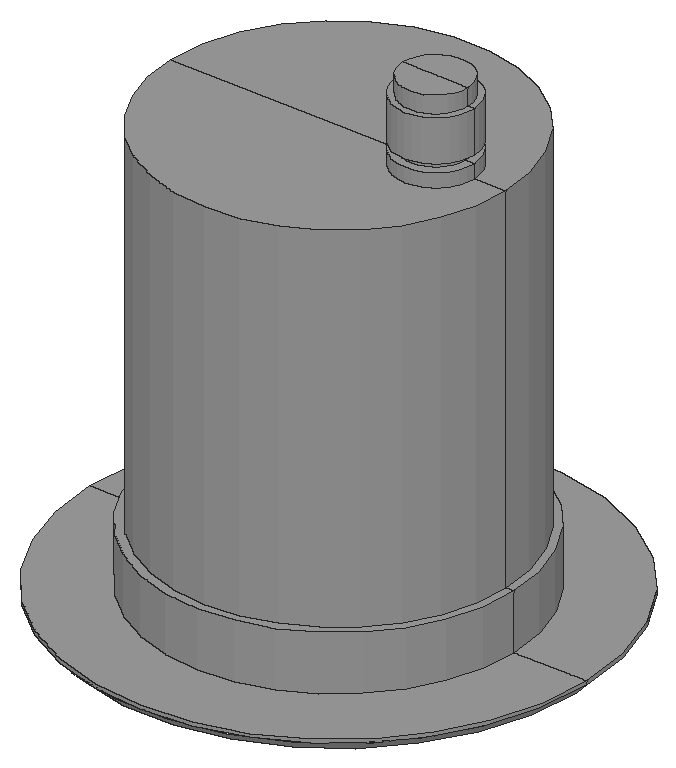
Revit family "Alcon-14078-4 -Revit-Family", category Lighting Fixtures, host Ceiling, Revit 2021
Family settings
  Host = Ceiling
  Round Connector Dimension = Use Diameter
  Part Type = Normal
  OmniClass Number = 23.80.70.11
  OmniClass Title = Luminaries for Internal Lighting
  Always vertical = Yes
  Cut with Voids When Loaded = No
  Light Source = Yes
  Shared = No
  Room Calculation Point = No
Parameters (values of type "Type 1")
  Wattage = 9.2903 W
  built-in parameter 1150110 = 1 (stored number, unit not read)
  built-in parameter 1114217 = 1 (stored number, unit not read)
  Tilt Angle = 60.00°
  built-in parameter 1150109 = 1 (stored number, unit not read)
  built-in parameter 1150134 = (empty or 0)
  built-in parameter 1150113 = 1 (stored number, unit not read)
  built-in parameter 1010507 = 1.5708 (stored number, unit not read)
  built-in parameter 1010506 = 0.5236 (stored number, unit not read)
  Product Identity = "Alcon Lighting 14078-4"
  Manufacturer = "Alcon Light"
  Lumens = 1380 lm
  built-in parameter 1150115 = 1 (stored number, unit not read)
  built-in parameter 1150105 = 4614.1 (stored number, unit not read)
  Link To Product Page = "https://www.alconlighting.com/14078-4.html"
  LightSource = light
  Light Source Symbol Length = 10' - 0"
  built-in parameter 1150137 = (empty or 0)
  built-in parameter 1150139 = (empty or 0)
  Reflector = Default metal
  built-in parameter 1150112 = 1 (stored number, unit not read)
  built-in parameter 1150114 = 1 (stored number, unit not read)
  built-in parameter 1150132 = 2
  built-in parameter 1150102 = (empty or 0)
  built-in parameter 1150138 = (empty or 0)
  built-in parameter 1150107 = 3000 (stored number, unit not read)
  built-in parameter 1150106 = 46.141 (stored number, unit not read)
  Housing = Default
  built-in parameter 1150104 = 13.8 (stored number, unit not read)
  Dimming Lamp Color Temperature Shift = <None>
  Default Elevation = 0' - 0"
  Color Filter = 16777215
  built-in parameter 1114218 = 1 (stored number, unit not read)
  built-in parameter 1150133 = 10 (stored number, unit not read)
Reference planes (in)
  plane 1 "Light Source Axis (F/B)": y = 0
  plane 2: z = 0
  plane 3 "Light Source Axis (L/R)": x = 0
  plane 4 "Ceiling": z = 157.73031
  plane 5 "Light Source Elevation": z = 159.49205
Forms (in)
  Extrusion 1, void
    sketch origin (0, 0, 157.73031) x (0, 1, 0) y (-1, 0, 0)
      loop
        circle (0, 0) r 2.5625
    from -0.44379 to 0.56434
  Revolve 2, solid, material "light" <- "LightSource"
    sketch origin (0, 0, -6.15688) x (1, 0, 0) y (0, 0, 1)
      loop
        line (0, 165.64893) -> (0, 165.71265) -> (-0.29753, 165.71265) -> (-0.29753, 165.64893) -> (0, 165.64893)
      axis (0, 165.64893) -> (0, 165.71265)
    angle from 0 to 360
  Revolve 3, solid, material "Default" <- "Housing"
    sketch origin (-40.7589, 0, 309.32064) x (0.965926, 0, 0.258819) y (-0.258819, 0, 0.965926)
      loop
        line (-2.272, -156.47924) -> (-1.54727, -156.67343) -> (-1.34803, -156.47419) -> (-1.22758, -156.02468) -> (-1.46906, -155.95997) -> (-1.61513, -156.50508) -> (-2.33957, -156.31097) -> (-2.34895, -156.34596) -> (-2.272, -156.47924)
      axis (0.28168, -156.42908) -> (0.09807, -157.1143)
    angle from 0 to 360
  Revolve 4, solid, material "Default" <- "Housing"
    sketch origin (-40.7589, 0, 6.38445) x (0.965926, 0, -0.258819) y (0.258819, 0, 0.965926)
      loop
        line (-1.61397, 156.83656) -> (-1.58226, 156.84506)
        arc (-1.58226, 156.84506) -> (-1.29412, 157.77858) -> (-0.56097, 158.42431) r 1.80104
        line (-0.56097, 158.42431) -> (-0.27358, 158.50132) -> (-0.89591, 160.82389) -> (-2.5627, 160.37727) -> (-1.61397, 156.83656)
      axis (0.05282, 157.28318) -> (-0.89591, 160.82389)
    angle from 0 to 360
  Revolve 5, solid, material "Default" <- "Housing"
    sketch origin (-40.7589, 0, 6.19738) x (0.965926, 0, -0.258819) y (0.258819, 0, 0.965926)
      loop
        line (0.02479, 161.26426) -> (-0.18688, 162.05423) -> (-0.50971, 161.96772) -> (-0.46529, 161.80192) -> (-0.52746, 161.78526) -> (-0.4169, 161.37263) -> (-0.32834, 161.39636) -> (-0.30765, 161.31911) -> (-0.3962, 161.29538) -> (-0.36022, 161.16109) -> (0.02479, 161.26426)
      axis (0.02479, 161.26426) -> (-0.18688, 162.05423)
    angle from 0 to 360
  Revolve 6, solid, material "Default metal" <- "Reflector"
    sketch origin (-40.7589, 0, 309.32064) x (0.965926, 0, 0.258819) y (-0.258819, 0, 0.965926)
      loop
        line (-1.3534, -155.99096) -> (-1.29024, -156.00789)
        arc (-1.29024, -156.00789) -> (-0.60412, -155.38364) -> (0.30419, -155.19548) r 1.75805
        line (0.30419, -155.19548) -> (0.32068, -155.13394)
        arc (0.32068, -155.13394) -> (-0.6356, -155.32954) -> (-1.3534, -155.99096) r 1.82055
      axis (0.60808, -155.21094) -> (0.28168, -156.42908)
    angle from 0 to 360
  Extrusion 7, solid, material "Default" <- "Housing"
    sketch origin (-0.68284, 2.06629, 158.29466) x (-1, 0, 0) y (0, 1, 0)
      loop
        circle (1.42719, -2.06629) r 0.06592
      loop
        circle (-2.83899, -2.06629) r 0.06592
    from 0.70939 to 0.75799
Dimensions and locks (in)
  equal spacing: host sketch curve, plane 3 "Light Source Axis (L/R)", host sketch curve
  equal spacing: host sketch curve, plane 1 "Light Source Axis (F/B)", host sketch curve
  host sketch curve to host sketch curve = 13' - 1.48031"  (x2)
  host ceiling to plane 4 "Ceiling" = 0' - 0"
  aligned and locked: plane 1 "Light Source Axis (F/B)" to imposter light
